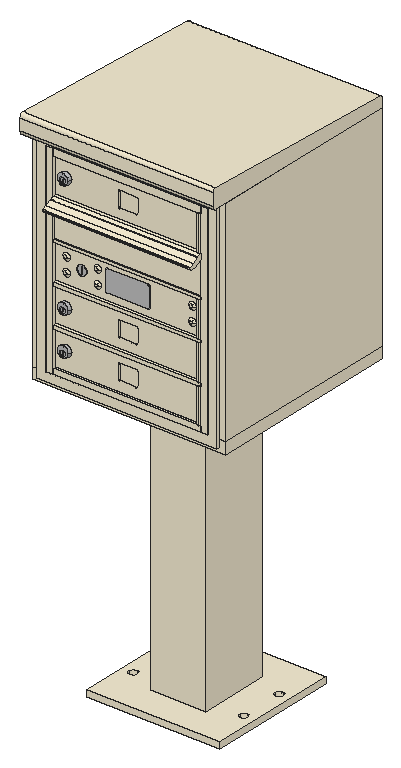
Revit family "Mailboxes_4C-Salsbury_Industries-Pedestal_Mounted-5_Door_High_Units", category Specialty Equipment, Revit 2016 (continued)
Definition of nested family "Mailboxes_4C-Salsbury_Industries-Front_Load-5_Door_High_Units"
  Definition of nested family "3700 Series 4C Door Configurations"
    Automatic sketch dimensions
      plane 10 "Face of Divider" to Extrusion 1 sketch curve = 0.12271"
      plane 1 "Center (Front/Back)" to Extrusion 1 sketch curve = 0.05445"
      plane 10 "Face of Divider" to Extrusion 1 sketch curve = 0.16676"
      Blend 2 sketch curve to plane 9 = 0.000"  (x2)
      plane 11 "Center Lock Vertical" to Blend 2 sketch curve = 0.000"  (x2)
      plane 11 "Center Lock Vertical" to Extrusion 4 sketch curve = 0.000"
      Extrusion 4 sketch curve to plane 9 = 0.120"
      Extrusion 4 sketch curve to Extrusion 4 sketch curve = 0.285"
      plane 11 "Center Lock Vertical" to Extrusion 5 sketch curve = 0.02933"
      Extrusion 5 sketch curve to plane 11 "Center Lock Vertical" = 0.03067"
      Extrusion 5 sketch curve to plane 9 = 0.2917"
      plane 9 to Extrusion 5 sketch curve = 0.0083"
      Extrusion 6 sketch curve to plane 9 = 0.750"
      Extrusion 6 sketch curve to Extrusion 6 sketch curve = 0.125"  (x3)
      plane 9 to Extrusion 6 sketch curve = 0.625"  (x2)
      plane 3 "Center (Left/Right)" to Extrusion 6 sketch curve = 0.7775"
      plane 15 "Inset Center" to Extrusion 6 sketch curve = 0.750"
      curve 1 to plane 9 = 0.000"
      plane 11 "Center Lock Vertical" to curve 1 = 0.000"
      radius of Blend 2 sketch curve = 0.525"
      radius of Blend 2 sketch curve = 0.485"
      radius of curve 1 = 0.53054"
  Definition of nested family "3700 Series 4C OM2 Configuration"
    Parameters (values of type "OM2-FL")
      Weight = ""
      URL = ""
      Access Lock Offset = 0.000"
      Access Lock = yes
      Model = "3700OM2-FL"
      Manufacturer = "Salsbury Industries"
      Lock Material = none
      Front Panel Material = none
      Door Width = 13.375"
      Door Number [instance] = "101"
      Door Height = 7.00047"
      Door Depth = 0.25391"
      Description = "OM2 Door for 3700 Series 4C Mailboxes-Front Loading"
      Cost = 0
      Center Lock-Vertical = 2.360"
      Center Lock-Horizontal = 1.61523"
    Types (3): name | Access Lock Offset | Access Lock | Model | Description
      (no name) | 0.000" | yes | "3700OM2-FL" | "OM2 Door for 3700 Series 4C Mailboxes-Front Loading"
      OM2-FL | 0.000" | yes | "3700OM2-FL" | "OM2 Door for 3700 Series 4C Mailboxes-Front Loading"
      OM2-RL | 0.3125" | no | "3700OM2-RL" | "OM2 Door for 3700 Series 4C Mailboxes-Rear Loading"
    Reference planes (in)
      plane 1 "Center (Front/Back)": y = 0
      plane 2 "Bottom of Door": z = 0
      plane 3 "Center (Left/Right)": x = 0
      plane 4 "Left Side Face of Door": x = -6.6875
      plane 5 "Right Side Face of Door": x = 6.6875
      plane 6 "Back Face of Door": y = 0.12695
      plane 7 "Front Face of Door": y = -0.12695
      plane 8: z = 3.23047
      plane 9: z = 1.61523
      plane 10: y = -0.46995
      plane 11 "Center Lock Vertical": x = -4.3275
      plane 12 "Center Lock Horizontal": z = 1.61523
      plane 13 "Face of Lock": y = -0.42383
      plane 14 "Divider Height Align": z = 3.50047
      plane 15 "Plate Center": x = -0.16063
      plane 16 "Left Stud Align": x = -5.7025
      plane 17 "Right Stud Align": x = -2.8895
      plane 18 "Top Stud Align": z = 2.27147
      plane 19 "Bottom Stud Align": z = 0.95947
      plane 20 "Hinge Stud Align": x = 5.6875
      plane 21 "Mail Plate Top": z = 2.61547
      plane 22 "Mail Plate Bottom": z = 0.61547
      plane 23: x = -2.1595
      plane 24: x = 1.8405
      plane 25 "Face of Mail Plate": y = -0.16602
      plane 26 "Top of Mail Drop Door": z = 6.73094
      plane 27 "Top of Mail Drop Divider": z = 7.00047
      plane 28 "Face of Mail Drop": y = -0.31995
      plane 29 "Top of Mail Slot": z = 6.42087
      plane 30 "Bottom of Mail Slot": z = 5.67087
      plane 31 "Left Edge of Mail Slot": x = -5.3755
      plane 32 "Right Edge of Mail Slot": x = 5.3755
      plane 33 "Mail Slot Bottom Protusion": z = 6.50987
      plane 34: y = -0.49395
      plane 35: z = 6.15637
      plane 36 "Front of Awning": y = -1.63495
      plane 37: y = -1.15685
      plane 38 "Mail Slot Slope": through (-240, -0.44582, 6.9722) normal (0, -0.5, 0.866)
      plane 39 "Access Lock Offset": y = 0.12695
    Forms (in)
      Extrusion 1, solid, material <- "Front Panel Material"
        sketch origin (0, 0, 0) x (1, 0, 0) y (0, 1, 0)
          loop
            line (-6.4355, 0.12695) -> (-6.6875, -0.05445) -> (-6.6875, -0.12695) -> (6.05625, -0.12695)
            arc (6.05625, -0.12695) -> (6.19558, -0.17661) -> (6.27209, -0.3032) r 0.22029
            arc (6.27209, -0.3032) -> (6.3553, -0.42132) -> (6.4925, -0.46664) r 0.23034
            arc (6.4925, -0.46664) -> (6.63039, -0.40952) -> (6.6875, -0.27164) r 0.195
            line (6.6875, -0.27164) -> (6.6875, 0.12695) -> (-6.4355, 0.12695)
        from 0 to 3.23047
      Extrusion 2, solid, material <- "Front Panel Material"
        sketch origin (0, 0, 3.50047) x (-1, 0, 0) y (0, -1, 0)
          loop
            line (6.6875, -0.12695) -> (6.6875, 0.46995) -> (-6.6875, 0.46995) -> (-6.6875, -0.12695) -> (6.6875, -0.12695)
        from -0.27 to 0
      Extrusion 3, void
        sketch origin (0, 0.12695, 0) x (0, 0, -1) y (-1, 0, 0)
          loop
            circle (-1.61523, 4.3275) r 0.4375
        from 0 to -0.25391
      Extrusion 4, solid, material <- "Lock Material", visible <- "Access Lock"
        sketch origin (0, 0.12695, 0) x (0, 0, -1) y (-1, 0, 0)
          loop
            circle (-1.61523, 4.3275) r 0.42913
        from 0 to -0.25391
      Extrusion 5, void, detail levels fine
        sketch origin (0, 0.12695, 3.4) x (-1, 0, 0) y (0, 0, 1)
          loop
            line (4.3568, -1.47517) -> (4.2982, -1.47517) -> (4.2982, -2.09436) -> (4.3568, -2.09436) -> (4.3568, -1.47517)
        from -0.12695 to -0.25391
      Blend 6, solid, material <- "Front Panel Material", detail levels medium+fine
        base sketch origin (0, -0.12695, 2.68123) x (-1, 0, 0) y (0, 0, 1)
          loop
            circle (5.7025, -0.40977) r 0.15665
        top sketch origin (0, -0.12695, 2.68123) x (-1, 0, 0) y (0, 0, 1)
          loop
            circle (5.7025, -0.40977) r 0.3125
        from -0.11328 to 0
      Blend 7, solid, material <- "Front Panel Material", detail levels medium+fine
        base sketch origin (1.3125, -0.12695, 2.68123) x (-1, 0, 0) y (0, 0, 1)
          loop
            circle (4.202, -0.40977) r 0.15665
        top sketch origin (1.3125, -0.12695, 2.68123) x (-1, 0, 0) y (0, 0, 1)
          loop
            circle (4.202, -0.40977) r 0.3125
        from -0.11328 to 0
      Blend 8, solid, material <- "Front Panel Material", detail levels medium+fine
        base sketch origin (0, -0.12695, 1.36923) x (-1, 0, 0) y (0, 0, 1)
          loop
            circle (5.7025, -0.40977) r 0.15665
        top sketch origin (0, -0.12695, 1.36923) x (-1, 0, 0) y (0, 0, 1)
          loop
            circle (5.7025, -0.40977) r 0.3125
        from -0.11328 to 0
      Blend 9, solid, material <- "Front Panel Material", detail levels medium+fine
        base sketch origin (1.3125, -0.12695, 1.36923) x (-1, 0, 0) y (0, 0, 1)
          loop
            circle (4.202, -0.40977) r 0.15665
        top sketch origin (1.3125, -0.12695, 1.36923) x (-1, 0, 0) y (0, 0, 1)
          loop
            circle (4.202, -0.40977) r 0.3125
        from -0.11328 to 0
      Blend 10, solid, material <- "Front Panel Material", detail levels medium+fine
        base sketch origin (9.8895, -0.12695, 2.68123) x (-1, 0, 0) y (0, 0, 1)
          loop
            circle (4.202, -0.40977) r 0.15665
        top sketch origin (9.8895, -0.12695, 2.68123) x (-1, 0, 0) y (0, 0, 1)
          loop
            circle (4.202, -0.40977) r 0.3125
        from -0.11328 to 0
      Blend 11, solid, material <- "Front Panel Material", detail levels medium+fine
        base sketch origin (9.8895, -0.12695, 1.36923) x (-1, 0, 0) y (0, 0, 1)
          loop
            circle (4.202, -0.40977) r 0.15665
        top sketch origin (9.8895, -0.12695, 1.36923) x (-1, 0, 0) y (0, 0, 1)
          loop
            circle (4.202, -0.40977) r 0.3125
        from -0.11328 to 0
      Extrusion 12, solid, material <- "Lock Material"
        sketch origin (0, -0.12695, 0) x (-1, 0, 0) y (0, 0, 1)
          loop
            line (1.96028, 2.61547) -> (-1.64128, 2.61547)
            arc (-1.64128, 2.61547) -> (-1.78215, 2.55712) -> (-1.8405, 2.41625) r 0.19922
            line (-1.8405, 2.41625) -> (-1.8405, 0.81469)
            arc (-1.8405, 0.81469) -> (-1.78215, 0.67382) -> (-1.64128, 0.61547) r 0.19922
            line (-1.64128, 0.61547) -> (1.96028, 0.61547)
            arc (1.96028, 0.61547) -> (2.10115, 0.67382) -> (2.1595, 0.81469) r 0.19922
            line (2.1595, 0.81469) -> (2.1595, 2.41625)
            arc (2.1595, 2.41625) -> (2.10115, 2.55712) -> (1.96028, 2.61547) r 0.19922
        from 0 to -0.03906
      Extrusion 13, solid, material <- "Front Panel Material"
        sketch origin (-2.13946, 0, 3.50047) x (-1, 0, 0) y (0, -1, 0)
          loop
            line (4.54804, -0.12695) -> (4.54804, 0.31995) -> (-8.82696, 0.31995) -> (-8.82696, -0.12695) -> (4.54804, -0.12695)
        from 0 to 3.0094
      Extrusion 14, void
        sketch origin (0, -0.31995, 0) x (0, 0, -1) y (-1, 0, 0)
          loop
            arc (-5.67087, 5.0005) -> (-6.04587, 5.3755) -> (-6.42087, 5.0005) r 0.375
            line (-6.42087, 5.0005) -> (-6.42087, -5.0005)
            arc (-6.42087, -5.0005) -> (-6.04587, -5.3755) -> (-5.67087, -5.0005) r 0.375
            line (-5.67087, -5.0005) -> (-5.67087, 5.0005)
        from 0 to 0.44691
      Extrusion 15, solid, material <- "Front Panel Material"
        sketch origin (0, 0, 0) x (0, 1, 0) y (0, 0, 1)
          loop
            line (0.12695, 6.50987) -> (0.12695, 7.00047) -> (-0.46995, 7.00047) -> (-0.75605, 6.83078) -> (-0.73973, 6.80251) -> (-1.27431, 6.49388) -> (-1.29063, 6.52214) -> (-1.61027, 6.3376)
            arc (-1.61027, 6.3376) -> (-1.63087, 6.31111) -> (-1.62714, 6.27777) r 0.04454
            line (-1.62714, 6.27777) -> (-1.5282, 6.17883)
            arc (-1.5282, 6.17883) -> (-1.4937, 6.16211) -> (-1.4558, 6.15637) r 0.12791
            line (-1.4558, 6.15637) -> (-1.10623, 6.15637) -> (-0.49395, 6.50987) -> (0.12695, 6.50987)
        from -6.6875 to 6.6875
    Cuts and joins
      Extrusion 3 cuts Extrusion 1
      Extrusion 5 cuts Extrusion 4
      Extrusion 14 cuts Extrusion 13
    Lines and regions (in)
      symbolic lines
        curve 1: circle (-5.7025, -0.12695, 2.27147) r 0.3125 normal (0, 1, 0)
        curve 2: circle (-5.7025, -0.12695, 0.95947) r 0.3125 normal (0, 1, 0)
        curve 3: circle (-2.8895, -0.12695, 0.95947) r 0.3125 normal (0, 1, 0)
        curve 4: circle (-2.8895, -0.12695, 2.27147) r 0.3125 normal (0, 1, 0)
        curve 5: circle (-4.3275, -0.12695, 1.61523) r 0.42913 normal (0, 1, 0)
        curve 6: circle (5.6875, -0.12695, 0.95947) r 0.3125 normal (0, 1, 0)
        curve 7: circle (5.6875, -0.12695, 2.27147) r 0.3125 normal (0, 1, 0)
        curve 8: arc (-2.1595, -0.12695, 2.41625) -> (-2.10115, -0.12695, 2.55712) -> (-1.96028, -0.12695, 2.61547) r 0.19922
        curve 9: arc (1.8405, -0.12695, 2.41625) -> (1.78215, -0.12695, 2.55712) -> (1.64128, -0.12695, 2.61547) r 0.19922
        curve 10: arc (1.8405, -0.12695, 0.81469) -> (1.78215, -0.12695, 0.67382) -> (1.64128, -0.12695, 0.61547) r 0.19922
        curve 11: arc (-1.96028, -0.12695, 0.61547) -> (-2.10115, -0.12695, 0.67382) -> (-2.1595, -0.12695, 0.81469) r 0.19922
        curve 12: line (-2.1595, -0.12695, 0.81469) -> (-2.1595, -0.12695, 2.41625)
        curve 13: line (-1.96028, -0.12695, 2.61547) -> (1.64128, -0.12695, 2.61547)
        curve 14: line (1.8405, -0.12695, 2.41625) -> (1.8405, -0.12695, 0.81469)
        curve 15: line (1.64128, -0.12695, 0.61547) -> (-1.96028, -0.12695, 0.61547)
    Dimensions and locks (in)
      equal spacing: plane 6 "Back Face of Door", plane 1 "Center (Front/Back)", plane 7 "Front Face of Door"
      "Door Depth": plane 6 "Back Face of Door" to plane 7 "Front Face of Door"
      equal spacing: plane 4 "Left Side Face of Door", plane 3 "Center (Left/Right)", plane 5 "Right Side Face of Door"
      "Door Width": plane 4 "Left Side Face of Door" to plane 5 "Right Side Face of Door"
      plane 8 to level = 3.23047"
      equal spacing: plane 8, plane 9, level
      locked: plane 7 "Front Face of Door" to plane 10 at 0.343
      "Center Lock-Vertical": plane 4 "Left Side Face of Door" to plane 11 "Center Lock Vertical"
      "Center Lock-Horizontal": plane 8 to plane 12 "Center Lock Horizontal"
      locked: plane 14 "Divider Height Align" to plane 8 at 0.27
      plane 4 "Left Side Face of Door" to plane 16 "Left Stud Align" to plane 17 "Right Stud Align" = 0.985", 2.813"
      plane 8 to plane 18 "Top Stud Align" to plane 19 "Bottom Stud Align" = 0.959", 1.312"
      plane 20 "Hinge Stud Align" to plane 5 "Right Side Face of Door" = 1.000"
      plane 8 to plane 21 "Mail Plate Top" to plane 22 "Mail Plate Bottom" = 0.615", 2.000"
      plane 4 "Left Side Face of Door" to plane 23 to plane 24 = 4.528", 4.000"
      plane 27 "Top of Mail Drop Divider" to plane 26 "Top of Mail Drop Door" to plane 14 "Divider Height Align" = 0.26953" locked, 3.23047"
      "Door Height": plane 27 "Top of Mail Drop Divider" to level
      plane 28 "Face of Mail Drop" to plane 10 = 0.150"
      locked: plane 27 "Top of Mail Drop Divider" to plane 29 "Top of Mail Slot" at 0.5796
      locked: plane 29 "Top of Mail Slot" to plane 30 "Bottom of Mail Slot" at 0.75
      locked: plane 4 "Left Side Face of Door" to plane 31 "Left Edge of Mail Slot" at 1.312
      locked: plane 32 "Right Edge of Mail Slot" to plane 5 "Right Side Face of Door" at 1.312
      locked: plane 33 "Mail Slot Bottom Protusion" to plane 29 "Top of Mail Slot" at 0.089
      plane 28 "Face of Mail Drop" to plane 34 = 0.174"
      plane 33 "Mail Slot Bottom Protusion" to plane 35 = 0.3535"
      plane 28 "Face of Mail Drop" to plane 36 "Front of Awning" = 1.315"
      plane 4 "Left Side Face of Door" to plane 5 "Right Side Face of Door" = 13.375"
      plane 6 "Back Face of Door" to plane 36 "Front of Awning" = 1.76191"
      "Access Lock Offset": plane 39 "Access Lock Offset" to plane 6 "Back Face of Door"
      aligned and locked: level to plane 2 "Bottom of Door"
      aligned and locked: plane 4 "Left Side Face of Door" to Extrusion 1
      aligned and locked: plane 6 "Back Face of Door" to Extrusion 1
      aligned and locked: plane 7 "Front Face of Door" to Extrusion 1
      aligned and locked: Extrusion 1 to level
      aligned and locked: plane 8 to Extrusion 1
      aligned and locked: Extrusion 2 sketch curve to plane 4 "Left Side Face of Door"
      aligned and locked: Extrusion 2 sketch curve to plane 6 "Back Face of Door"
      aligned and locked: plane 5 "Right Side Face of Door" to Extrusion 2 sketch curve
      aligned and locked: Extrusion 2 to plane 8
      aligned and locked: plane 10 to Extrusion 2 sketch curve
      aligned and locked: plane 14 "Divider Height Align" to Extrusion 2
      aligned and locked: plane 4 "Left Side Face of Door" to Extrusion 2
      aligned and locked: Extrusion 2 to plane 5 "Right Side Face of Door"
      aligned and locked: Extrusion 13 to plane 28 "Face of Mail Drop"
      aligned and locked: plane 29 "Top of Mail Slot" to Extrusion 14 sketch curve
      aligned and locked: cut or joined group of Extrusion 13, Extrusion 14 to cut or joined group of Extrusion 13, Extrusion 14
      aligned and locked: cut or joined group of Extrusion 1, Extrusion 3 to plane 2 "Bottom of Door"
    Automatic sketch dimensions
      Extrusion 1 sketch curve to plane 4 "Left Side Face of Door" = 0.000"
      Extrusion 1 sketch curve to plane 6 "Back Face of Door" = 0.000"
      Extrusion 1 sketch curve to plane 7 "Front Face of Door" = 0.000"
      Extrusion 1 sketch curve to plane 5 "Right Side Face of Door" = 0.000"
      Extrusion 1 sketch curve to plane 4 "Left Side Face of Door" = 0.252"
      Extrusion 1 sketch curve to plane 20 "Hinge Stud Align" = 0.36875"
      Extrusion 1 sketch curve to plane 25 "Face of Mail Plate" = 0.07029"
      plane 5 "Right Side Face of Door" to Extrusion 1 sketch curve = 0.195"
      Extrusion 1 sketch curve to plane 25 "Face of Mail Plate" = 0.10562"
      Extrusion 1 sketch curve to plane 13 "Face of Lock" = 0.07658"
      plane 1 "Center (Front/Back)" to Extrusion 1 sketch curve = 0.05445"
      Extrusion 1 sketch curve to plane 13 "Face of Lock" = 0.12063"
      Extrusion 5 sketch curve to plane 11 "Center Lock Vertical" = 0.0293"
      plane 11 "Center Lock Vertical" to Extrusion 5 sketch curve = 0.0293"
      Extrusion 5 sketch curve to plane 9 = 0.30959"
      plane 9 to Extrusion 5 sketch curve = 0.30959"
      plane 16 "Left Stud Align" to Blend 6 sketch curve = 0.000"  (x2)
      Blend 6 sketch curve to plane 18 "Top Stud Align" = 0.000"  (x2)
      plane 17 "Right Stud Align" to Blend 7 sketch curve = 0.000"  (x2)
      Blend 7 sketch curve to plane 18 "Top Stud Align" = 0.000"  (x2)
      plane 16 "Left Stud Align" to Blend 8 sketch curve = 0.000"  (x2)
      Blend 8 sketch curve to plane 19 "Bottom Stud Align" = 0.000"  (x2)
      plane 17 "Right Stud Align" to Blend 9 sketch curve = 0.000"  (x2)
      Blend 9 sketch curve to plane 19 "Bottom Stud Align" = 0.000"  (x2)
      Blend 10 sketch curve to plane 18 "Top Stud Align" = 0.000"  (x2)
      plane 20 "Hinge Stud Align" to Blend 10 sketch curve = 0.000"  (x2)
      Blend 11 sketch curve to plane 19 "Bottom Stud Align" = 0.000"  (x2)
      plane 20 "Hinge Stud Align" to Blend 11 sketch curve = 0.000"  (x2)
      plane 24 to Extrusion 12 sketch curve = 0.000"
      Extrusion 12 sketch curve to plane 22 "Mail Plate Bottom" = 0.000"
      Extrusion 12 sketch curve to plane 21 "Mail Plate Top" = 0.000"
      plane 23 to Extrusion 12 sketch curve = 0.000"
      plane 24 to Extrusion 12 sketch curve = 0.19922"  (x2)
      plane 18 "Top Stud Align" to Extrusion 12 sketch curve = 0.14478"
      Extrusion 12 sketch curve to plane 23 = 0.19922"
      Extrusion 13 sketch curve to plane 5 "Right Side Face of Door" = 0.000"
      Extrusion 13 sketch curve to plane 4 "Left Side Face of Door" = 0.000"
      Extrusion 13 sketch curve to plane 6 "Back Face of Door" = 0.000"
      Extrusion 13 sketch curve to plane 7 "Front Face of Door" = 0.193"
      Extrusion 14 sketch curve to plane 30 "Bottom of Mail Slot" = 0.000"
      plane 32 "Right Edge of Mail Slot" to Extrusion 14 sketch curve = 0.375"
      Extrusion 14 sketch curve to plane 31 "Left Edge of Mail Slot" = 0.375"
      Extrusion 15 sketch curve to plane 35 = 0.000"
      Extrusion 15 sketch curve to plane 33 "Mail Slot Bottom Protusion" = 0.000"
      Extrusion 15 sketch curve to plane 34 = 0.000"
      Extrusion 15 sketch curve to plane 27 "Top of Mail Drop Divider" = 0.000"
      Extrusion 15 sketch curve to plane 6 "Back Face of Door" = 0.000"
      plane 26 "Top of Mail Drop Door" to Extrusion 15 sketch curve = 0.07158"
      Extrusion 15 sketch curve to plane 34 = 0.24578"
      plane 26 "Top of Mail Drop Door" to Extrusion 15 sketch curve = 0.09984"
      Extrusion 15 sketch curve to Extrusion 15 sketch curve = 0.01632"
      plane 37 to Extrusion 15 sketch curve = 0.05062"
      Extrusion 15 sketch curve to plane 33 "Mail Slot Bottom Protusion" = 0.01599"
      plane 33 "Mail Slot Bottom Protusion" to Extrusion 15 sketch curve = 0.01227"
      plane 36 "Front of Awning" to Extrusion 15 sketch curve = 0.17915"
      plane 35 to Extrusion 15 sketch curve = 0.02246"
      Extrusion 15 sketch curve to Extrusion 15 sketch curve = 0.0724"
      plane 36 "Front of Awning" to Extrusion 15 sketch curve = 0.04696"
      plane 36 "Front of Awning" to Extrusion 15 sketch curve = 0.02469"
      plane 36 "Front of Awning" to Extrusion 15 sketch curve = 0.00781"
      Extrusion 15 sketch curve to Extrusion 15 sketch curve = 0.05983"
      Extrusion 4 sketch curve to plane 9 = 0.000"
      plane 11 "Center Lock Vertical" to Extrusion 4 sketch curve = 0.000"
      Extrusion 3 sketch curve to plane 9 = 0.000"
      plane 11 "Center Lock Vertical" to Extrusion 3 sketch curve = 0.000"
      curve 6 to plane 19 "Bottom Stud Align" = 0.000"
      plane 20 "Hinge Stud Align" to curve 6 = 0.000"
      curve 7 to plane 18 "Top Stud Align" = 0.000"
      plane 20 "Hinge Stud Align" to curve 7 = 0.000"
      plane 24 to curve 14 = 0.000"
      curve 9 to plane 21 "Mail Plate Top" = 0.000"
      curve 11 to plane 22 "Mail Plate Bottom" = 0.000"
      plane 23 to curve 12 = 0.000"
      plane 17 "Right Stud Align" to curve 4 = 0.000"
      plane 17 "Right Stud Align" to curve 3 = 0.000"
      curve 5 to plane 9 = 0.000"
      plane 11 "Center Lock Vertical" to curve 5 = 0.000"
      plane 16 "Left Stud Align" to curve 1 = 0.000"
      plane 16 "Left Stud Align" to curve 2 = 0.000"
      curve 2 to plane 19 "Bottom Stud Align" = 0.000"
      curve 3 to plane 19 "Bottom Stud Align" = 0.000"
      curve 1 to plane 18 "Top Stud Align" = 0.000"
      curve 4 to plane 18 "Top Stud Align" = 0.000"
      plane 18 "Top Stud Align" to curve 9 = 0.14478"
      curve 10 to plane 19 "Bottom Stud Align" = 0.14478"
      plane 18 "Top Stud Align" to curve 8 = 0.14478"
      curve 11 to plane 19 "Bottom Stud Align" = 0.14478"
      radius of Blend 6 sketch curve = 0.15665"
      radius of Blend 6 sketch curve = 0.3125"
      radius of Blend 7 sketch curve = 0.15665"
      radius of Blend 7 sketch curve = 0.3125"
      radius of Blend 8 sketch curve = 0.15665"
      radius of Blend 8 sketch curve = 0.3125"
      radius of Blend 9 sketch curve = 0.15665"
      radius of Blend 9 sketch curve = 0.3125"
      radius of Blend 10 sketch curve = 0.15665"
      radius of Blend 10 sketch curve = 0.3125"
      radius of Blend 11 sketch curve = 0.15665"
      radius of Blend 11 sketch curve = 0.3125"
      radius of Extrusion 4 sketch curve = 0.42913"
      radius of Extrusion 3 sketch curve = 0.4375"
      radius of curve 1 = 0.3125"
      radius of curve 2 = 0.3125"
      radius of curve 3 = 0.3125"
      radius of curve 4 = 0.3125"
      radius of curve 5 = 0.42913"
      radius of curve 6 = 0.3125"
      radius of curve 7 = 0.3125"
Types (7): name | Width | Model | Door Slot R5 Number | Door Slot R4 Number | Door Slot R1 Number | Door Slot L5 Number | Door Slot L4 Number | Door Slot L3 Number | Door Slot L2 Number | Door Slot L1 Number | Description | 4C Unit
  3405S-03 | 17.496" | "3405S-03" | "3" | "2" | "1" | "0" | "0" | "0" | "0" | "0" | "5 Door High Unit:  3 MB1, OM2" | Mailboxes_4C-Salsbury_Industries-Front_Load-5_Door_High_Units : 3705S-03 FL
  3405D-08 | 32.250" | "3405D-08" | "8" | "7" | "6" | "5" | "4" | "3" | "2" | "1" | "5 Door High Unit:  8 MB1, OM2" | Mailboxes_4C-Salsbury_Industries-Front_Load-5_Door_High_Units : 3705D-08 FL
  3405D-07 | 32.250" | "3405D-07" | "7" | "0" | "6" | "5" | "4" | "3" | "2" | "1" | "5 Door High Unit:  7 MB1, OM3" | Mailboxes_4C-Salsbury_Industries-Front_Load-5_Door_High_Units : 3705D-07 FL
  3405D-03 | 32.250" | "3405D-03" | "3" | "2" | "1" | "1P" | "0" | "0" | "0" | "0" | "5 Door High Unit:  3 MB1, 1 PL5, OM2" | Mailboxes_4C-Salsbury_Industries-Front_Load-5_Door_High_Units : 3705D-03 FL
  3405D-01 | 32.250" | "3405D-01" | "1" | "0" | "0" | "1P" | "0" | "0" | "0" | "0" | "5 Door High Unit:  1 MB3, 1 PL5, OM2" | Mailboxes_4C-Salsbury_Industries-Front_Load-5_Door_High_Units : 3705D-01 FL
  3405D-2P | 32.250" | "3405D-2P" | "2P" | "0" | "0" | "1P" | "0" | "0" | "0" | "0" | "5 Door High Unit:  2 PL5" | Mailboxes_4C-Salsbury_Industries-Front_Load-5_Door_High_Units : 3705D-2P FL
  3405S-1P | 17.496" | "3405S-1P" | "1P" | "0" | "0" | "0" | "0" | "0" | "0" | "0" | "5 Door High Unit:  1 PL5" | Mailboxes_4C-Salsbury_Industries-Front_Load-5_Door_High_Units : 3705S-1P FL
